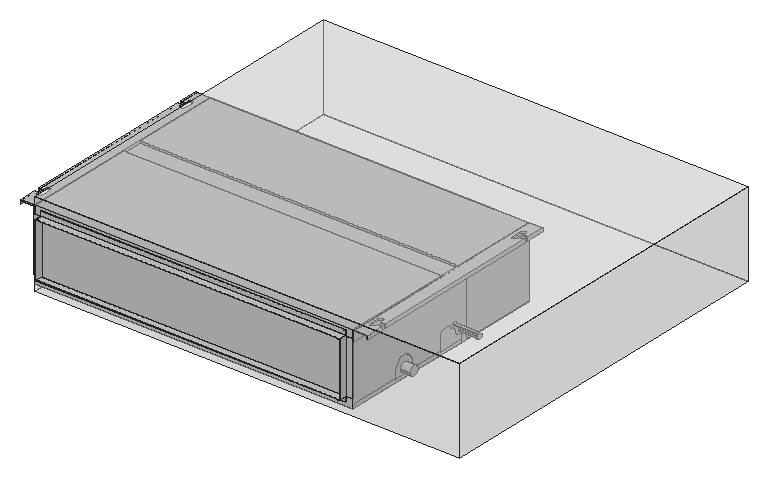
Revit family "outputfile", category 機械設備, Revit 2024
Family settings
  丸型コネクタ寸法 = 半径を使用
  パーツ タイプ = 標準
  OmniClass 番号 = 23.75.10.24.21.27.27
  OmniClass タイトル = Split System Air Conditioning Units
  作業面ベース = いいえ
  常に垂直 = はい
  ロード時にボイドで切り取り = いいえ
  注釈の向きを維持 = いいえ
  共有 = いいえ
  部屋計算ポイント = はい
Parameters (values of type "FDLF50DV1")
  Description = ""
  書き出し IFC クラス(タイプ) = "IfcUnitaryEquipmentType"
  定義済み IFC タイプ(タイプ) = "AIRCONDITIONINGUNIT"
  Cost = 0
  Type Comments = ""
  Keynote = ""
  Type Image = (empty or 0)
  Assembly Code = ""
  switch_frequency = yes
  ld_powersupply = Depth / 2  # 310 mm
  connector_voltage = Voltage_50Hz  # 230 V
  connector_powerinput = [Power Input (Cooling)]  # 0.000 kW
  connector_phase = Phase_50Hz  # 1
  angle_liquidpipe [instance] = if(Right Connection_refrigerant, 90.00°, 270.00°)  # 90.00°
  angle_gaspipe [instance] = if(Right Connection_refrigerant, 90.00°, 270.00°)  # 90.00°
  angle_drainpipe [instance] = if(Right Connection_refrigerant, 90.00°, 270.00°)  # 90.00°
  URL = ""
  Right Connection_refrigerant [instance] = yes
  製造元 = "Daikin"
  モデル = "FDLF50DV1"
  r_Liquid Pipe Size = Liquid Pipe Size / 2  # 3.2 mm
  r_Gas Pipe Size = Gas Pipe Size / 2  # 6.35 mm
  r_Drain Pipe Size = Drain Pipe Size / 2  # 12.5 mm
  lw_powersupply = 50 mm  # constant formula
  lw_ductflange2 = 803 mm
  lw_Width = 860 mm
  lh_suctionflange [instance] = 100 mm  # constant formula
  ld_suctionflange [instance] = if(Rear Connection_Return Air, 190.25 mm, 100.25 mm)  # 190.25 mm
  angle_vertical_RA [instance] = if(Rear Connection_Return Air, 90.00°, 0.00°)  # 90.00°
  angle horizontal_RA [instance] = if(Rear Connection_Return Air, 180.00°, 270.00°)  # 180.00°
  Voltage_comment_50Hz = "220 - 240"
  Voltage_50Hz = 230 V
  Supply Air Direction [instance] = yes
  Sound Power Level_H speed (dB) = 0
  Rear Connection_Return Air [instance] = not(Bottom Connection_Return Air)  # yes
  RA_length [instance] = if(Rear Connection_Return Air, 190.25 mm, 100 mm)  # 190.25 mm
  Phase_50Hz = 1
  Minimum External Static Pressure = 15.00 Pa
  Minimum Circuit Amps_50Hz = 0.0 A
  Maximum Fuse Amps_50Hz = 0.0 A
  Maximum External Static Pressure = 38.00 Pa
  Material_Casing = DAIKIN_GalvanizedSteel_Casing_indoorunit
  lw_liquidpipe = 521 mm
  lw_gaspipe = 508 mm
  lw_mountinghole = 940 mm
  lw_drainpipe = 480 mm
  lh_powersupply = 150 mm  # constant formula
  lh_liquidpipe = 138 mm  # constant formula
  lh_gaspipe = 160 mm  # constant formula
  lh_mountinghole = Height  # 200 mm
  lh_drainpipe = 170 mm  # constant formula
  lh_antena = 1 mm  # constant formula
  ld_liquidpipe = 353 mm  # constant formula
  ld_gaspipe = 375 mm  # constant formula
  ld_mountinghole = 500 mm  # constant formula
  ld_drainpipe = 178 mm  # constant formula
  ld_controlbox = 626 mm  # constant formula
  h*** = 0 mm  # constant formula
  d_dischargeflange = 21.2 mm  # constant formula
  Width = 900 mm
  Version = "ver.1.0"
  Unit Type = "L.S.P. Duct for Living Room"
  Unit Mass Weight = 28.00 kg
  Unit Designation [instance] = ""
  Uniclass2015Version = "Products v1.30"
  Uniclass2015Title = "Split coil room air conditioning units"
  Uniclass2015Code = "Pr_70_65_03_86"
  Total Cooling Capacity [instance] = 0.000 kW
  Sound Pressure Level_M speed (dBA) = 33
  Sound Pressure Level_L speed (dBA) = 30
  Sound Pressure Level_H speed (dBA) = 37
  Series = "SkyAir_Fan Coil Unit"
  Sensible Cooling Capacity [instance] = 0.000 kW
  SA Duct Size Width = 860 mm
  SA Duct Size Height = 153 mm
  Refrigerant Type = "R32"
  RA Duct Size Width = 761 mm
  RA Duct Size Height = 160 mm
  Power Input (Cooling) = 0.000 kW
  Option Accessory 3 [instance] = ""
  Option Accessory 2 [instance] = ""
  Option Accessory 1 [instance] = ""
  Nominal Cooling Capacity = 5.000 kW
  Minimum Airflow = 720.00 m³/h
  Median Airflow = 840.00 m³/h
  Maximum Airflow = 960.00 m³/h
  Load Classification = HVAC
  Liquid Pipe Size = 6.4 mm
  Link_Nested Family [instance] = ""
  Left Connection_refrigerant [instance] = not(Right Connection_refrigerant)  # no
  IfcVersion = ""
  IfcExportType = "AIRCONDITIONINGUNIT"
  IfcExportAs = "IfcUnitaryEquipmentType"
  Height = 200 mm
  Heat Exchanger Type = "Cross Fin Coil"
  Gas Pipe Size = 12.7 mm
  Frequency_50Hz = 50 Hz
  Fan Type = "Sirocco Fan"
  Fan Drive = "Direct Drive"
  FCU Tag No. [instance] = ""
  Drain Pipe Size = 25.0 mm
  Design Supply Airflow [instance] = 0.00 m³/h
  Design Return Airflow [instance] = 0.00 m³/h
  Design External Static Pressure [instance] = 0.00 Pa
  Depth = 620 mm
  既定の高さ = 0 mm
  Cooling Entering Wet Bulb Temperature [instance] = 0.00 °C
  Cooling Entering Dry Bulb Temperature [instance] = 0.00 °C
  Cooling Ambient Wet Bulb Temperature [instance] = 0.00 °C
  Cooling Ambient Dry Bulb Temperature [instance] = 0.00 °C
  Clearance visibility [instance] = yes
  Clearance Top = 20 mm
  Clearance Right = 300 mm
  Clearance Rear = 400 mm
  Clearance Left = 0 mm
  Clearance Front = 0 mm
  Clearance Bottom = 20 mm
  Bottom Connection_Return Air [instance] = no
Reference planes
  plane 1 "Center (Front/Back)": y = 0
  plane 2: z = 0
  plane 3 "Center (Left/Right)": x = 0
  plane 4 "Back": y = 310
  plane 5 "Front": y = -310
  plane 6 "Left": x = -450
  plane 7 "Right": x = 450
  plane 8 "Top": z = 0
  plane 9 "Bottom": z = -200
  plane 10: x = -470
  plane 11: x = 470
  plane 12: y = 250
  plane 13: z = 0
  plane 14 "Clearance Left": x = -450
  plane 15 "Clearance Right": x = 750
  plane 16 "Clearance Rear": y = 710
  plane 17 "Clearance Front": y = -310
  plane 18 "Clearance Top": z = 20
  plane 19 "Clearance Bottom": z = -220
  plane 20: y = -250
  plane 21: z = -21
  plane 22: z = -97.5
  plane 23: x = -48.5
  plane 24: y = 119.75
  plane 25: z = -100
  plane 26: y = 65
  plane 27: z = -160
  plane 28: y = 43
  plane 29: z = -138
  plane 30: y = -132
  plane 31: z = -170
  plane 32: x = 508
  plane 33: x = 521
  plane 34: x = 480
  plane 35: x = 400
  plane 36: z = -150
  plane 37: x = -480
  plane 38: x = -521
  plane 39: x = -508
Forms (mm)
  Extrusion 1, solid, material "DAIKIN_GalvanizedSteel_Casing_indoorunit" <- "Material_Casing"
    sketch origin (0, 0, 0) x (1, 0, 0) y (0, 1, 0)
      loop
        line (-450, -310) -> (450, -310) -> (450, 310) -> (-450, 310) -> (-450, -310)
    from -200 to 0
  Extrusion 2, void
    sketch origin (0, 0, 1) x (1, 0, 0) y (0, 1, 0)
      loop
        line (-450, 61.5) -> (-450, 3.5) -> (450, 3.5) -> (450, 61.5) -> (-450, 61.5)
    from -1 to -7
  Extrusion 3, solid, material "DAIKIN_GalvanizedSteel_Casing_indoorunit" <- "Material_Casing", visible <- "Bottom Connection_Return Air"
    sketch origin (0, 0, 0) x (1, 0, 0) y (0, 0, 1)
      loop
        line (352, -199.25) -> (352, -0.75) -> (-449, -0.75) -> (-449, -199.25) -> (352, -199.25)
    from -310 to -309
  Extrusion 4, solid, material "DAIKIN_GalvanizedSteel_Casing_indoorunit" <- "Material_Casing", visible <- "Rear Connection_Return Air"
    sketch origin (0, 0, 0) x (1, 0, 0) y (0, 1, 0)
      loop
        line (-449, 309) -> (-449, 110.5) -> (352, 110.5) -> (352, 309) -> (-449, 309)
    from -200 to -199
  Extrusion 5, solid, material "DAIKIN_GalvanizedSteel_Casing_indoorunit" <- "Material_Casing", visible <- "Right Connection_refrigerant"
    sketch origin (450, 0, 0) x (0, 1, 0) y (0, 0, 1)
      loop
        circle (65, -160) r 6.35
    from 0 to 58
  Extrusion 6, solid, material "DAIKIN_GalvanizedSteel_Casing_indoorunit" <- "Material_Casing", visible <- "Right Connection_refrigerant"
    sketch origin (450, 0, 0) x (0, 1, 0) y (0, 0, 1)
      loop
        circle (43, -138) r 3.2
    from 0 to 71
  Extrusion 7, solid, material "DAIKIN_GalvanizedSteel_Casing_indoorunit" <- "Material_Casing", visible <- "Right Connection_refrigerant"
    sketch origin (450, 0, 0) x (0, 1, 0) y (0, 0, 1)
      loop
        line (-310, -200) -> (70, -200) -> (70, -190) -> (-310, -190) -> (-310, -200)
    from 0 to -1
  Extrusion 8, solid, material "DAIKIN_GalvanizedSteel_Casing_indoorunit" <- "Material_Casing", visible <- "Right Connection_refrigerant"
    sketch origin (450, 0, 0) x (0, 1, 0) y (0, 0, 1)
      loop
        arc (96, -27.5) -> (93.879, -28.379) -> (93, -30.5) r 3
        line (93, -30.5) -> (93, -194.5)
        arc (93, -194.5) -> (93.879, -196.621) -> (96, -197.5) r 3
        line (96, -197.5) -> (310, -197.5) -> (310, -27.5) -> (96, -27.5)
    from 0 to -1
  Extrusion 9, solid, material "DAIKIN_GalvanizedSteel_Casing_indoorunit" <- "Material_Casing", visible <- "Right Connection_refrigerant"
    sketch origin (450, 0, 0) x (0, 1, 0) y (0, 0, 1)
      loop
        arc (-104, -170) -> (-132, -142) -> (-160, -170) r 28
        line (-160, -170) -> (-160, -190) -> (-104, -190) -> (-104, -170)
    from 0 to -1
  Extrusion 10, solid, material "DAIKIN_GalvanizedSteel_Casing_indoorunit" <- "Material_Casing", visible <- "Right Connection_refrigerant"
    sketch origin (450, 0, 0) x (0, 1, 0) y (0, 0, 1)
      loop
        line (70, -190) -> (70, -174.671)
        arc (70, -174.671) -> (54.678, -171.563) -> (49.857, -156.691) r 15.5
        line (49.857, -156.691) -> (43.472, -150.991)
        arc (43.472, -150.991) -> (34.343, -147.698) -> (30.039, -139) r 13
        line (30.039, -139) -> (2, -139)
        arc (2, -139) -> (-0.121, -139.879) -> (-1, -142) r 3
        line (-1, -142) -> (-1, -190) -> (70, -190)
    from 0 to -1
  Extrusion 11, solid, material "DAIKIN_GalvanizedSteel_Casing_indoorunit" <- "Material_Casing", visible <- "Left Connection_refrigerant"
    sketch origin (-450, 0, 0) x (0, 1, 0) y (0, 0, 1)
      loop
        line (-310, -200) -> (70, -200) -> (70, -190) -> (-310, -190) -> (-310, -200)
    from 0 to -1
  Extrusion 12, solid, material "DAIKIN_GalvanizedSteel_Casing_indoorunit" <- "Material_Casing", visible <- "Left Connection_refrigerant"
    sketch origin (-450, 0, 0) x (0, 1, 0) y (0, 0, 1)
      loop
        arc (96, -27.5) -> (93.879, -28.379) -> (93, -30.5) r 3
        line (93, -30.5) -> (93, -194.5)
        arc (93, -194.5) -> (93.879, -196.621) -> (96, -197.5) r 3
        line (96, -197.5) -> (310, -197.5) -> (310, -27.5) -> (96, -27.5)
    from 0 to -1
  Extrusion 13, solid, material "DAIKIN_GalvanizedSteel_Casing_indoorunit" <- "Material_Casing", visible <- "Left Connection_refrigerant"
    sketch origin (-450, 0, 0) x (0, 1, 0) y (0, 0, 1)
      loop
        arc (-104, -170) -> (-132, -142) -> (-160, -170) r 28
        line (-160, -170) -> (-160, -190) -> (-104, -190) -> (-104, -170)
    from 0 to -1
  Extrusion 14, solid, material "DAIKIN_GalvanizedSteel_Casing_indoorunit" <- "Material_Casing", visible <- "Left Connection_refrigerant"
    sketch origin (-450, 0, 0) x (0, 1, 0) y (0, 0, 1)
      loop
        line (70, -190) -> (70, -174.671)
        arc (70, -174.671) -> (54.678, -171.563) -> (49.857, -156.691) r 15.5
        line (49.857, -156.691) -> (43.472, -150.991)
        arc (43.472, -150.991) -> (34.343, -147.698) -> (30.039, -139) r 13
        line (30.039, -139) -> (2, -139)
        arc (2, -139) -> (-0.121, -139.879) -> (-1, -142) r 3
        line (-1, -142) -> (-1, -190) -> (70, -190)
    from 0 to -1
  Extrusion 15, solid, material "DAIKIN_GalvanizedSteel_Casing_indoorunit" <- "Material_Casing", visible <- "Left Connection_refrigerant"
    sketch origin (-450, 0, 0) x (0, 1, 0) y (0, 0, 1)
      loop
        circle (43, -138) r 3.2
    from -71 to 0
  Extrusion 16, solid, material "DAIKIN_GalvanizedSteel_Casing_indoorunit" <- "Material_Casing", visible <- "Left Connection_refrigerant"
    sketch origin (-450, 0, 0) x (0, 1, 0) y (0, 0, 1)
      loop
        circle (65, -160) r 6.35
    from -58 to 0
  Extrusion 17, solid, material "DAIKIN_GalvanizedSteel_Casing_indoorunit" <- "Material_Casing", visible <- "Left Connection_refrigerant"
    sketch origin (-450, 0, 0) x (0, 1, 0) y (0, 0, 1)
      loop
        circle (-132, -170) r 12.5
    from -30 to 0
  Extrusion 18, solid, material "DAIKIN_GalvanizedSteel_Casing_indoorunit" <- "Material_Casing", visible <- "Right Connection_refrigerant"
    sketch origin (450, 0, 0) x (0, 1, 0) y (0, 0, 1)
      loop
        circle (-132, -170) r 12.5
    from 0 to 30
Cuts and joins
  Extrusion 2 cuts Extrusion 1
Dimensions and locks
  "Height": plane 8 "Top" to plane 9 "Bottom"
  equal spacing: plane 10, plane 3 "Center (Left/Right)", plane 11
  "lw_mountinghole": plane 10 to plane 11
  equal spacing: plane 6 "Left", plane 3 "Center (Left/Right)", plane 7 "Right"
  "Width": plane 6 "Left" to plane 7 "Right"
  "Clearance Right": plane 7 "Right" to plane 15 "Clearance Right"
  "Clearance Left": plane 14 "Clearance Left" to plane 6 "Left"
  "Clearance Rear": plane 16 "Clearance Rear" to plane 4 "Back"
  "Clearance Front": plane 5 "Front" to plane 17 "Clearance Front"
  "Clearance Top": plane 18 "Clearance Top" to plane 8 "Top"
  "Clearance Bottom": plane 9 "Bottom" to plane 19 "Clearance Bottom"
  "Depth": plane 4 "Back" to plane 5 "Front"
  equal spacing: plane 4 "Back", plane 1 "Center (Front/Back)", plane 5 "Front"
  Extrusion 3 sketch curve to Extrusion 3 sketch curve = 198.5 mm
  locked: plane 20 to plane 5 "Front" at 60
  "ld_mountinghole": plane 12 to plane 20
  locked: plane 8 "Top" to plane 21 at 21
  locked: plane 23 to plane 3 "Center (Left/Right)" at 48.5
  "ld_suctionflange": plane 4 "Back" to plane 24
  "lh_suctionflange": plane 8 "Top" to plane 25
  "ld_gaspipe": plane 26 to plane 5 "Front"
  "lh_gaspipe": plane 8 "Top" to plane 27
  "ld_liquidpipe": plane 28 to plane 5 "Front"
  "lh_liquidpipe": plane 8 "Top" to plane 29
  "ld_drainpipe": plane 30 to plane 5 "Front"
  "lh_drainpipe": plane 8 "Top" to plane 31
  "lw_powersupply": plane 35 to plane 7 "Right"
  "lh_powersupply": plane 8 "Top" to plane 36
  "lw_gaspipe": plane 3 "Center (Left/Right)" to plane 32
  "lw_liquidpipe": plane 3 "Center (Left/Right)" to plane 33
  "lw_drainpipe": plane 3 "Center (Left/Right)" to plane 34
  "lw_liquidpipe": plane 38 to plane 3 "Center (Left/Right)"
  "lw_gaspipe": plane 39 to plane 3 "Center (Left/Right)"
  "lw_drainpipe": plane 37 to plane 3 "Center (Left/Right)"
  "r_Gas Pipe Size": radius of Extrusion 5 sketch curve
  "r_Liquid Pipe Size": radius of Extrusion 6 sketch curve
  "r_Liquid Pipe Size": radius of Extrusion 15 sketch curve
  "r_Gas Pipe Size": radius of Extrusion 16 sketch curve
  "r_Drain Pipe Size": radius of Extrusion 17 sketch curve
  "r_Drain Pipe Size": radius of Extrusion 18 sketch curve
  aligned and locked: level to plane 2
  aligned and locked: Extrusion 1 to plane 9 "Bottom"
  aligned and locked: plane 8 "Top" to Extrusion 1
  aligned and locked: plane 11 to nested 2
  aligned and locked: plane 10 to nested 3
  aligned and locked: plane 10 to nested 4
  aligned and locked: plane 8 "Top" to Extrusion 2
  aligned and locked: plane 9 "Bottom" to Extrusion 4  (x2)
  aligned and locked: plane 7 "Right" to cut or joined group of Extrusion 1, Extrusion 2  (x2)
  aligned and locked: plane 3 "Center (Left/Right)" to nested 9
  aligned and locked: plane 6 "Left" to nested 7
  aligned and locked: plane 8 "Top" to nested 9
  aligned and locked: plane 11 to nested 1
  aligned and locked: nested 6 to plane 1 "Center (Front/Back)"
  aligned and locked: plane 3 "Center (Left/Right)" to nested 6
  aligned and locked: level to plane 8 "Top"
  aligned and locked: plane 1 "Center (Front/Back)" to nested 9
  aligned and locked: plane 5 "Front" to nested 10
  aligned and locked: Extrusion 1 sketch curve to plane 5 "Front"
  aligned and locked: plane 21 to nested 10
  aligned and locked: nested 5 to plane 5 "Front"
  aligned and locked: plane 3 "Center (Left/Right)" to nested 5
  aligned and locked: plane 22 to nested 5
  aligned and locked: Extrusion 2 sketch curve to plane 6 "Left"
  aligned and locked: plane 7 "Right" to Extrusion 2 sketch curve
  aligned and locked: nested 11 to plane 23
  aligned and locked: nested 11 to plane 24
  aligned and locked: plane 27 to Extrusion 5 sketch curve
  aligned and locked: plane 26 to Extrusion 5 sketch curve
  aligned and locked: plane 28 to Extrusion 6 sketch curve
  aligned and locked: plane 29 to Extrusion 6 sketch curve
  aligned and locked: plane 32 to Extrusion 5
  aligned and locked: plane 33 to Extrusion 6
  aligned and locked: Extrusion 7 sketch curve to plane 9 "Bottom"
  aligned and locked: Extrusion 7 sketch curve to plane 5 "Front"
  aligned and locked: plane 14 "Clearance Left" to nested 12
  aligned and locked: plane 15 "Clearance Right" to nested 12
  aligned and locked: plane 16 "Clearance Rear" to nested 12
  aligned and locked: nested 12 to plane 17 "Clearance Front"
  aligned and locked: nested 12 to plane 18 "Clearance Top"
  aligned and locked: nested 12 to plane 19 "Clearance Bottom"
  aligned and locked: nested 13 to plane 35
  aligned and locked: nested 13 to plane 36
  aligned and locked: plane 4 "Back" to nested 13
  aligned and locked: nested 14 to plane 26
  aligned and locked: plane 3 "Center (Left/Right)" to nested 14
  aligned and locked: nested 14 to plane 27
  aligned and locked: nested 15 to plane 28
  aligned and locked: plane 3 "Center (Left/Right)" to nested 15
  aligned and locked: nested 15 to plane 29
  aligned and locked: nested 16 to plane 30
  aligned and locked: plane 3 "Center (Left/Right)" to nested 16
  aligned and locked: nested 16 to plane 31
  aligned and locked: plane 29 to Extrusion 15 sketch curve
  aligned and locked: plane 28 to Extrusion 15 sketch curve
  aligned and locked: Extrusion 15 to plane 38
  aligned and locked: plane 6 "Left" to Extrusion 15
  aligned and locked: plane 26 to Extrusion 16 sketch curve
  aligned and locked: plane 27 to Extrusion 16 sketch curve
  aligned and locked: Extrusion 16 to plane 39
  aligned and locked: plane 6 "Left" to Extrusion 16
  aligned and locked: plane 30 to Extrusion 17 sketch curve
  aligned and locked: Extrusion 17 to plane 37
  aligned and locked: plane 6 "Left" to Extrusion 17
  aligned and locked: Extrusion 5 to plane 7 "Right"
  aligned and locked: Extrusion 6 to plane 7 "Right"
  aligned and locked: plane 30 to Extrusion 18 sketch curve
  aligned and locked: plane 31 to Extrusion 18 sketch curve
  aligned and locked: plane 34 to Extrusion 18
  aligned and locked: Extrusion 18 to plane 7 "Right"
Automatic sketch dimensions
  Extrusion 1 sketch curve to plane 4 "Back" = 0 mm
  Extrusion 1 sketch curve to plane 6 "Left" = 0 mm
  Extrusion 1 sketch curve to plane 7 "Right" = 0 mm
  Extrusion 2 sketch curve to plane 1 "Center (Front/Back)" = 3.5 mm
  Extrusion 2 sketch curve to plane 26 = 3.5 mm
  plane 9 "Bottom" to Extrusion 3 sketch curve = 0.75 mm
  plane 6 "Left" to Extrusion 3 sketch curve = 1 mm
  Extrusion 3 sketch curve to plane 35 = 48 mm
  Extrusion 4 sketch curve to plane 4 "Back" = 1 mm
  plane 6 "Left" to Extrusion 4 sketch curve = 1 mm
  Extrusion 4 sketch curve to plane 35 = 48 mm
  Extrusion 4 sketch curve to plane 24 = 9.25 mm
  plane 26 to Extrusion 7 sketch curve = 5 mm
  Extrusion 7 sketch curve to Extrusion 7 sketch curve = 10 mm
  Extrusion 8 sketch curve to plane 21 = 9.5 mm
  Extrusion 8 sketch curve to plane 24 = 23.75 mm  (x2)
  plane 9 "Bottom" to Extrusion 8 sketch curve = 5.5 mm
  Extrusion 8 sketch curve to Extrusion 8 sketch curve = 3 mm
  Extrusion 9 sketch curve to plane 31 = 0 mm
  Extrusion 9 sketch curve to plane 30 = 0 mm
  plane 9 "Bottom" to Extrusion 9 sketch curve = 10 mm
  Extrusion 9 sketch curve to plane 30 = 28 mm
  Extrusion 10 sketch curve to plane 28 = 0 mm
  Extrusion 10 sketch curve to plane 26 = 0 mm
  Extrusion 10 sketch curve to plane 27 = 0 mm
  Extrusion 10 sketch curve to plane 29 = 0 mm
  Extrusion 10 sketch curve to plane 29 = 1 mm
  Extrusion 10 sketch curve to plane 28 = 12.961 mm
  Extrusion 10 sketch curve to plane 1 "Center (Front/Back)" = 2 mm
  plane 1 "Center (Front/Back)" to Extrusion 10 sketch curve = 1 mm
  plane 28 to Extrusion 10 sketch curve = 0.472 mm
  plane 27 to Extrusion 10 sketch curve = 3.309 mm
  plane 28 to Extrusion 10 sketch curve = 6.857 mm
  plane 26 to Extrusion 10 sketch curve = 5 mm
  plane 9 "Bottom" to Extrusion 10 sketch curve = 10 mm
  Extrusion 8 sketch curve to plane 4 "Back" = 0 mm
  Extrusion 17 sketch curve to plane 31 = 0 mm
  Extrusion 12 sketch curve to plane 4 "Back" = 0 mm
  plane 9 "Bottom" to Extrusion 12 sketch curve = 5.5 mm
  Extrusion 12 sketch curve to plane 24 = 23.75 mm  (x2)
  Extrusion 12 sketch curve to plane 21 = 6.5 mm
  Extrusion 12 sketch curve to Extrusion 12 sketch curve = 3 mm
  Extrusion 14 sketch curve to plane 28 = 0 mm
  Extrusion 14 sketch curve to plane 26 = 0 mm
  Extrusion 14 sketch curve to plane 27 = 0 mm
  Extrusion 14 sketch curve to plane 29 = 0 mm
  Extrusion 14 sketch curve to plane 29 = 1 mm
  Extrusion 14 sketch curve to plane 28 = 12.961 mm
  Extrusion 14 sketch curve to plane 1 "Center (Front/Back)" = 2 mm
  plane 1 "Center (Front/Back)" to Extrusion 14 sketch curve = 1 mm
  plane 28 to Extrusion 14 sketch curve = 0.472 mm
  plane 27 to Extrusion 14 sketch curve = 3.309 mm
  plane 28 to Extrusion 14 sketch curve = 6.857 mm
  plane 26 to Extrusion 14 sketch curve = 5 mm
  plane 9 "Bottom" to Extrusion 14 sketch curve = 10 mm
  Extrusion 11 sketch curve to plane 5 "Front" = 0 mm
  Extrusion 11 sketch curve to plane 9 "Bottom" = 0 mm
  plane 26 to Extrusion 11 sketch curve = 5 mm
  Extrusion 11 sketch curve to Extrusion 11 sketch curve = 10 mm
  Extrusion 13 sketch curve to plane 31 = 0 mm
  Extrusion 13 sketch curve to plane 30 = 0 mm
  plane 9 "Bottom" to Extrusion 13 sketch curve = 10 mm
  Extrusion 13 sketch curve to plane 30 = 28 mm
Nested families
  nested 1: "daikin_mountinghole" at (470, 250, -200), l_antenna <- "lh_antena", Link_Nested Family <- "Link_Nested Family", h_mountinghole <- "lh_mountinghole", type "daikin_mountinghole"
    with show yes, l_antenna 1 mm, h_mountinghole 200 mm, Link_Nested Family ""
  nested 2: "daikin_mountinghole" at (470, -250, -200), Link_Nested Family <- "Link_Nested Family", l_antenna <- "lh_antena", h_mountinghole <- "lh_mountinghole", type "daikin_mountinghole"
    with show yes, l_antenna 1 mm, h_mountinghole 200 mm, Link_Nested Family ""
  nested 3: "daikin_mountinghole" at (-470, -250, -200), l_antenna <- "lh_antena", Link_Nested Family <- "Link_Nested Family", h_mountinghole <- "lh_mountinghole", type "daikin_mountinghole"
    with show yes, l_antenna 1 mm, h_mountinghole 200 mm, Link_Nested Family ""
  nested 4: "daikin_mountinghole" at (-470, 250, -200), l_antenna <- "lh_antena", Link_Nested Family <- "Link_Nested Family", h_mountinghole <- "lh_mountinghole", type "daikin_mountinghole"
    with show yes, l_antenna 1 mm, h_mountinghole 200 mm, Link_Nested Family ""
  nested 5: "daikin_connector_rotate2" at (0, -310, -97.5), length <- "d_dischargeflange", type "daikin_connector_rotate2"
    with radius 10 mm, length 21.2 mm, angle_vertical 90.00°, show_face no
  nested 6: "daikin_△_symbolicline" at (-75, -129.904, 200) x (-0.5, 0.866, 0) z (0, 0, 1), built-in parameter 1001364 <- "Height", visible <- "Supply Air Direction", type "daikin_△_symbolicline"
    with length 300 mm
  nested 7: "daikin_ductflange_FDLF-DV1_1" at (-48.5, 310, -100), visible <- "Rear Connection_Return Air", material <- "Material_Casing", width <- "lw_ductflange2", type "daikin_ductflange_FDLF-DV1_1"
    with width 803 mm, material DAIKIN_GalvanizedSteel_Casing_indoorunit, height 180 mm, depth 21.2 mm
  nested 8: "daikin_ductflange_FDLF-DV1_1" at (-48.5, 209.75, -200) x (1, 0, 0) z (0, 1, 0), visible <- "Bottom Connection_Return Air", material <- "Material_Casing", width <- "lw_ductflange2", type "daikin_ductflange_FDLF-DV1_1"
    with width 803 mm, material DAIKIN_GalvanizedSteel_Casing_indoorunit, height 180 mm, depth 21.2 mm
  nested 9: "daikin_hangerfixture_FDLF-DV1" at (0, 0, 0), type "daikin_hangerfixture_FDLF-DV1"
  nested 10: "daikin_ductflange_FDLF-DV1" at (0, 3.5, -364.201), width <- "lw_Width", material <- "Material_Casing", type "daikin_ductflange_FDLF-DV1"
    with width 860 mm, material DAIKIN_GalvanizedSteel_Casing_indoorunit, height 155 mm, depth 21.2 mm
  nested 11: "daikin_connector_rotate3" at (-48.5, 119.75, -100), length <- "RA_length", angle_vertical <- "angle_vertical_RA", angle_horizontal <- "angle horizontal_RA", type "daikin_connector_rotate3"
    with show no, radius 10 mm, length 190.25 mm, angle_vertical 90.00°, angle_horizontal 180.00°
  nested 12: "daikin_clearancespace" at (150, 200, -99.881), visible <- "Clearance visibility", Link_Nested Family <- "Link_Nested Family", show <- "Clearance visibility", type "daikin_clearancespace"
    with width 1200 mm, show yes, height 240 mm, depth 1020 mm, Link_Nested Family ""
  nested 13: "daikin_connector_rotate2" at (400, 0, -150) x (-1, 0, 0) z (0, 0, 1), length <- "ld_powersupply", type "daikin_connector_rotate2"
    with radius 10 mm, length 310 mm, angle_vertical 90.00°, show_face no
  nested 14: "daikin_connector_rotate3" at (0, 65, -160), angle_vertical <- "angle_gaspipe", radius <- "r_Gas Pipe Size", length <- "lw_gaspipe", type "daikin_connector_rotate3"
    with show no, radius 6.35 mm, length 508 mm, angle_vertical 90.00°, angle_horizontal 90.00°
  nested 15: "daikin_connector_rotate3" at (0, 43, -138), angle_vertical <- "angle_liquidpipe", length <- "lw_liquidpipe", radius <- "r_Liquid Pipe Size", type "daikin_connector_rotate3"
    with show no, radius 3.2 mm, length 521 mm, angle_vertical 90.00°, angle_horizontal 90.00°
  nested 16: "daikin_connector_rotate3" at (0, -132, -170), angle_vertical <- "angle_drainpipe", length <- "lw_drainpipe", radius <- "r_Drain Pipe Size", type "daikin_connector_rotate3"
    with show no, radius 12.5 mm, length 480 mm, angle_vertical 90.00°, angle_horizontal 90.00°
Connectors
  hvac at (0, -331.2, -97.5), driven by "SA Duct Size Height", driven by "SA Duct Size Width"
    settings: on nested 5, index 1, duct flow 0.00 m³/h, flow factor 0, pres drop 0.00 Pa, loss coef 0, conn angle 0.00°, conn width 860.0 mm, conn height 153.0 mm, conn diameter 609.6 mm, duct sys type 1, conn prof type 1, flow config 0, flow direction 2, loss method 4, conn ref index -1, conn util no, is conn primary yes, conn desc "SA Duct"
  hvac at (-48.5, 310, -100), driven by "RA Duct Size Height", driven by "RA Duct Size Width"
    settings: on nested 11, index 2, duct flow 0.00 m³/h, flow factor 0, pres drop 0.00 Pa, loss coef 0, conn angle 0.00°, conn width 761.0 mm, conn height 160.0 mm, conn diameter 609.6 mm, duct sys type 2, conn prof type 1, flow config 0, flow direction 1, loss method 4, conn ref index -1, conn util no, is conn primary no, conn desc "RA Duct"
  electrical at (400, 310, -150), driven by "Load Classification", driven by "connector_phase", driven by "connector_powerinput", driven by "connector_voltage"
    settings: on nested 13, index 6, voltage 230 V, apparent load 0 VA, apparent load phase1 0 VA, apparent load phase2 0 VA, apparent load phase3 0 VA, power factor 1, load classification "HVAC", number of poles 1, system type 30, power factor state 1, is connector primary yes, connector utility no, sub classification motor no, connector description "Power Supply"
  piping at (508, 65, -160), diameter 12.7, driven by "r_Gas Pipe Size"
    settings: on nested 14, index 7, connector inside diameter 609.6 mm, connector length 0 mm, flow factor 0, pipe flow 0.00 m³/h, pressure drop 0.0 Pa, fitting loss kfactor 0, connector angle 0.00°, fixture units 0, engagement length 0 mm, angle of deflection 0.00°, flow configuration 1, flow direction 2, fitting loss method 0, system type 29, joint type 0, gender type 0, connector reference index -1, connector utility 0, adjustable connector no, is connector primary yes, connector description "Refrigerant Gas Piping"
  piping at (521, 43, -138), diameter 6.4, driven by "r_Liquid Pipe Size"
    settings: on nested 15, index 8, connector inside diameter 609.6 mm, connector length 0 mm, flow factor 0, pipe flow 0.00 m³/h, pressure drop 0.0 Pa, fitting loss kfactor 0, connector angle 0.00°, fixture units 0, engagement length 0 mm, angle of deflection 0.00°, flow configuration 1, flow direction 1, fitting loss method 0, system type 29, joint type 0, gender type 0, connector reference index -1, connector utility 0, adjustable connector no, is connector primary no, connector description "Refrigerant Liquid Piping"
  piping at (480, -132, -170), diameter 25, driven by "r_Drain Pipe Size"
    settings: on nested 16, index 9, connector inside diameter 609.6 mm, connector length 0 mm, flow factor 0, pipe flow 0.00 m³/h, pressure drop 0.0 Pa, fitting loss kfactor 0, connector angle 0.00°, fixture units 0, engagement length 0 mm, angle of deflection 0.00°, flow configuration 1, flow direction 2, fitting loss method 4, system type 16, joint type 0, gender type 0, connector reference index -1, connector utility 0, adjustable connector no, is connector primary no, connector description "Condensate Drain Piping"
Definition of nested family "daikin_ductflange_FDLF-DV1_1"
  Parameters (values of type "daikin_ductflange_FDLF-DV1_1")
    width [instance] = 620 mm
    material [instance] = none
    height [instance] = 180 mm
    depth [instance] = 21.2 mm
    Default Elevation = 0 mm
  Reference planes
    plane 1 "Center (Front/Back)": y = 0
    plane 2: z = 0
    plane 3 "Center (Left/Right)": x = 0
    plane 4: x = -310
    plane 5: x = 310
    plane 6: z = 90
    plane 7: z = -90
    plane 8: z = 100.25
    plane 9: z = -100.25
    plane 10: x = -309
    plane 11: x = 309
  Forms (mm)
    Extrusion 1, solid, material <- "material"
      sketch origin (0, 0, 0) x (1, 0, 0) y (0, 0, 1)
        loop
          line (-300.5, 90) -> (-300.5, -90) -> (300.5, -90) -> (300.5, 90) -> (-300.5, 90)
        loop
          line (-309, -99.25) -> (309, -99.25) -> (309, 99.25) -> (-309, 99.25) -> (-309, -99.25)
      from 0 to 1
  Dimensions and locks
    equal spacing: plane 5, plane 3 "Center (Left/Right)", plane 4, locked at 310 each
    "width": plane 5 to plane 4
    equal spacing: plane 6, level, plane 7, locked at 90 each
    "height": plane 6 to plane 7
    equal spacing: plane 8, level, plane 9
    plane 10 to plane 4 = 1 mm
    locked: plane 5 to plane 11 at 1
    locked: Extrusion 1 sketch curve to Extrusion 1 sketch curve at 8.5  (x2)
    plane 8 to Extrusion 1 sketch curve = 1 mm
    locked: Extrusion 1 sketch curve to plane 9 at 1
    locked: plane 8 to plane 9 at 200.5
    aligned and locked: level to plane 2
    aligned and locked: Extrusion 1 sketch curve to plane 6
    aligned and locked: plane 7 to Extrusion 1 sketch curve
  Automatic sketch dimensions
    plane 4 to Extrusion 1 sketch curve = 1 mm
    Extrusion 1 sketch curve to plane 5 = 1 mm
Definition of nested family "daikin_hangerfixture_FDLF-DV1"
  Parameters (values of type "daikin_hangerfixture_FDLF-DV1")
    width = 900 mm
    material = none
    height = 30 mm
    depth = 620 mm
    Default Elevation = 0 mm
  Reference planes
    plane 1 "Center (Front/Back)": y = 0
    plane 2: z = 0
    plane 3 "Center (Left/Right)": x = 0
    plane 4: x = 450
    plane 5: y = 310
    plane 6: y = -310
    plane 7: x = -450
    plane 8: z = -30
  Forms (mm)
    Extrusion 1, solid, material <- "material"
      sketch origin (0, 0, 0) x (1, 0, 0) y (0, 0, 1)
        loop
          line (450, 0) -> (450, -30) -> (452.3, -30) -> (452.3, -2.3) -> (487.7, -2.3) -> (487.7, -10) -> (490, -10) -> (490, 0) -> (450, 0)
      from -310 to 310
    Extrusion 2, void
      sketch origin (0, 0, 0) x (0, 1, 0) y (0, 0, 1)
        loop
          line (310, -30) -> (310, -17.979) -> (87.935, -17.979) -> (75.914, -30) -> (310, -30)
      from -786.78 to 600.701
    Extrusion 3, void
      sketch origin (0, 0, 0) x (1, 0, 0) y (0, 1, 0)
        loop
          line (490, -244.5) -> (477, -244.5) -> (477, -238)
          arc (477, -238) -> (470, -231) -> (463, -238) r 7
          line (463, -238) -> (463, -264)
          arc (463, -264) -> (470, -271) -> (477, -264) r 7
          line (477, -264) -> (477, -257.5) -> (490, -257.5) -> (490, -244.5)
        loop
          line (490, 244.5) -> (490, 257.5) -> (477, 257.5) -> (477, 264)
          arc (477, 264) -> (470, 271) -> (463, 264) r 7
          line (463, 264) -> (463, 238)
          arc (463, 238) -> (470, 231) -> (477, 238) r 7
          line (477, 238) -> (477, 244.5) -> (490, 244.5)
      from -254.96 to 618
    Extrusion 4, solid, material <- "material"
      sketch origin (0, 0, 0) x (-1, 0, 0) y (0, 0, -1)
        loop
          line (450, 0) -> (490, 0) -> (490, 10) -> (487.7, 10) -> (487.7, 2.3) -> (452.3, 2.3) -> (452.3, 30) -> (450, 30) -> (450, 0)
      from -310 to 310
    Extrusion 5, void
      sketch origin (0, 0, 0) x (-1, 0, 0) y (0, -1, 0)
        loop
          line (490, 244.5) -> (490, 257.5) -> (477, 257.5) -> (477, 264)
          arc (477, 264) -> (470, 271) -> (463, 264) r 7
          line (463, 264) -> (463, 238)
          arc (463, 238) -> (470, 231) -> (477, 238) r 7
          line (477, 238) -> (477, 244.5) -> (490, 244.5)
        loop
          line (490, -244.5) -> (477, -244.5) -> (477, -238)
          arc (477, -238) -> (470, -231) -> (463, -238) r 7
          line (463, -238) -> (463, -264)
          arc (463, -264) -> (470, -271) -> (477, -264) r 7
          line (477, -264) -> (477, -257.5) -> (490, -257.5) -> (490, -244.5)
      from -254.96 to 618
  Cuts and joins
    Extrusion 2, Extrusion 3, Extrusion 5 cuts Extrusion 1
    Extrusion 2, Extrusion 5 cuts Extrusion 4
  Dimensions and locks
    equal spacing: plane 5, plane 1 "Center (Front/Back)", plane 6
    "depth": plane 5 to plane 6
    plane 6 to plane 1 "Center (Front/Back)" to plane 5 = 310 mm, 310 mm
    equal spacing: plane 4, plane 3 "Center (Left/Right)", plane 7
    "width": plane 4 to plane 7
    "height": level to plane 8
    aligned and locked: level to plane 2
    aligned and locked: plane 5 to Extrusion 1
    aligned and locked: Extrusion 1 to plane 6
    aligned and locked: Extrusion 1 to plane 4
    aligned and locked: plane 5 to cut or joined group of Extrusion 1, Extrusion 2, Extrusion 3, Extrusion 5
    aligned and locked: cut or joined group of Extrusion 1, Extrusion 2, Extrusion 3, Extrusion 5 to plane 6
    aligned and locked: level to cut or joined group of Extrusion 1, Extrusion 2, Extrusion 3, Extrusion 5
    aligned and locked: cut or joined group of Extrusion 1, Extrusion 2, Extrusion 3, Extrusion 5 to plane 8
    aligned and locked: plane 5 to cut or joined group of Extrusion 2, Extrusion 4, Extrusion 5
    aligned and locked: cut or joined group of Extrusion 2, Extrusion 4, Extrusion 5 to plane 6
  Automatic sketch dimensions
    Extrusion 1 sketch curve to plane 4 = 0 mm
    Extrusion 1 sketch curve to plane 8 = 0 mm
    Extrusion 1 sketch curve to level = 0 mm
    plane 4 to Extrusion 1 sketch curve = 2.3 mm
    Extrusion 1 sketch curve to level = 2.3 mm
    Extrusion 1 sketch curve to Extrusion 1 sketch curve = 35.4 mm
    Extrusion 1 sketch curve to Extrusion 1 sketch curve = 2.3 mm
    Extrusion 1 sketch curve to Extrusion 1 sketch curve = 7.7 mm
    Extrusion 2 sketch curve to plane 8 = 0 mm
    Extrusion 2 sketch curve to plane 5 = 0 mm
    plane 8 to Extrusion 2 sketch curve = 12.021 mm
    Extrusion 2 sketch curve to plane 1 "Center (Front/Back)" = 87.935 mm
    Extrusion 2 sketch curve to Extrusion 2 sketch curve = 12.021 mm
    plane 4 to Extrusion 3 sketch curve = 13 mm  (x2)
    Extrusion 3 sketch curve to Extrusion 3 sketch curve = 7 mm  (x4)
    Extrusion 3 sketch curve to Extrusion 3 sketch curve = 13 mm  (x4)
    plane 6 to Extrusion 3 sketch curve = 46 mm
    Extrusion 3 sketch curve to Extrusion 3 sketch curve = 6.5 mm  (x4)
    Extrusion 3 sketch curve to plane 5 = 72 mm
    Extrusion 4 sketch curve to plane 7 = 0 mm
    Extrusion 4 sketch curve to plane 8 = 0 mm
    Extrusion 4 sketch curve to level = 0 mm
    Extrusion 4 sketch curve to plane 7 = 2.3 mm
    Extrusion 4 sketch curve to level = 2.3 mm
    Extrusion 4 sketch curve to Extrusion 4 sketch curve = 35.4 mm
    Extrusion 4 sketch curve to Extrusion 4 sketch curve = 2.3 mm
    Extrusion 4 sketch curve to Extrusion 4 sketch curve = 7.7 mm
    Extrusion 5 sketch curve to plane 7 = 13 mm  (x2)
    Extrusion 5 sketch curve to Extrusion 5 sketch curve = 7 mm  (x4)
    Extrusion 5 sketch curve to Extrusion 5 sketch curve = 13 mm  (x4)
    Extrusion 5 sketch curve to plane 5 = 46 mm
    Extrusion 5 sketch curve to Extrusion 5 sketch curve = 6.5 mm  (x4)
    plane 6 to Extrusion 5 sketch curve = 72 mm
Definition of nested family "daikin_ductflange_FDLF-DV1"
  Parameters (values of type "daikin_ductflange_FXDQ-NDVET")
    width [instance] = 660 mm
    material [instance] = none
    height [instance] = 155 mm
    depth [instance] = 21.2 mm
    Default Elevation = 0 mm
  Reference planes
    plane 1 "Center (Front/Back)": y = 0
    plane 2: z = 189.201
    plane 3 "Center (Left/Right)": x = 0
    plane 4: y = -313.5
    plane 5: x = -330
    plane 6: x = 330
    plane 7: y = -334.7
    plane 8: z = 344.201
    plane 9: z = 266.701
    plane 10: z = 343.201
    plane 11: z = 190.201
  Forms (mm)
    Extrusion 1, solid, material <- "material"
      sketch origin (0, 0, 189.201) x (1, 0, 0) y (0, 1, 0)
        loop
          line (-330, -334.7) -> (-330, -313.5) -> (-350, -313.5) -> (-350, -314.5) -> (-331, -314.5) -> (-331, -334.7) -> (-330, -334.7)
        loop
          line (330, -334.7) -> (331, -334.7) -> (331, -314.5) -> (350, -314.5) -> (350, -313.5) -> (330, -313.5) -> (330, -334.7)
      from 1 to 154
    Extrusion 2, solid, material <- "material"
      sketch origin (0, 0, 0) x (0, 1, 0) y (0, 0, 1)
        loop
          line (-313.5, 343.201) -> (-313.5, 358.201) -> (-314.5, 358.201) -> (-314.5, 344.201) -> (-334.7, 344.201) -> (-334.7, 343.201) -> (-313.5, 343.201)
        loop
          line (-313.5, 190.201) -> (-334.7, 190.201) -> (-334.7, 189.201) -> (-314.5, 189.201) -> (-314.5, 175.201) -> (-313.5, 175.201) -> (-313.5, 190.201)
      from -330 to 330
  Dimensions and locks
    plane 4 to plane 1 "Center (Front/Back)" = 313.5 mm
    "depth": plane 7 to plane 4
    equal spacing: plane 8, plane 9, level
    "height": plane 8 to level
    equal spacing: plane 6, plane 3 "Center (Left/Right)", plane 5
    "width": plane 6 to plane 5
    locked: plane 8 to plane 10 at 1
    locked: plane 11 to level at 1
    locked: Extrusion 1 to Extrusion 2 sketch curve at 1
    locked: Extrusion 2 sketch curve to Extrusion 1 at 1
    plane 10 to plane 11 = 153 mm
    aligned and locked: level to plane 2
    aligned and locked: Extrusion 2 to plane 5
    aligned and locked: Extrusion 2 to plane 11
    aligned and locked: Extrusion 2 to plane 10
    aligned and locked: plane 6 to Extrusion 2
    aligned and locked: plane 5 to Extrusion 2  (x2)
    aligned and locked: plane 5 to Extrusion 1  (x2)
    aligned and locked: Extrusion 1 to plane 6
    aligned and locked: plane 6 to Extrusion 1
    aligned and locked: Extrusion 1 to plane 10
  Automatic sketch dimensions
    Extrusion 2 sketch curve to plane 7 = 0 mm  (x2)
    Extrusion 2 sketch curve to plane 4 = 0 mm  (x2)
    Extrusion 2 sketch curve to plane 11 = 0 mm
    Extrusion 2 sketch curve to plane 10 = 0 mm
    Extrusion 2 sketch curve to plane 4 = 1 mm  (x2)
    Extrusion 2 sketch curve to level = 14 mm
    plane 8 to Extrusion 2 sketch curve = 14 mm
    Extrusion 1 sketch curve to plane 4 = 0 mm  (x2)
    Extrusion 1 sketch curve to plane 7 = 0 mm  (x2)
    Extrusion 1 sketch curve to plane 5 = 0 mm
    Extrusion 1 sketch curve to plane 6 = 0 mm
    Extrusion 1 sketch curve to plane 5 = 1 mm
    Extrusion 1 sketch curve to Extrusion 1 sketch curve = 19 mm  (x2)
    Extrusion 1 sketch curve to Extrusion 1 sketch curve = 1 mm
    Extrusion 1 sketch curve to plane 4 = 1 mm  (x2)
Definition of nested family "daikin_clearancespace"
  Parameters (values of type "daikin_clearancespace")
    Description = "daikin_clearancespace"
    width [instance] = 1823.963 mm
    show [instance] = yes
    material = none
    height [instance] = 1359.762 mm
    depth [instance] = 880 mm
    Default Elevation = 0 mm
    Link_Nested Family [instance] = ""
  Reference planes
    plane 1 "Center (Front/Back)": y = 0
    plane 2 "Center (Elevation)": z = -0.119
    plane 3 "Center (Left/Right)": x = 0
    plane 4: y = 440
    plane 5: y = -440
    plane 6 "Right": x = 911.982
    plane 7 "Left": x = -911.982
    plane 8 "Top": z = 679.762
    plane 9 "Bottom": z = -680
  Forms (mm)
    Extrusion 1, solid, material <- "material", visible <- "show"
      sketch origin (0, 0, 0) x (1, 0, 0) y (0, 1, 0)
        loop
          line (-911.982, 440) -> (-911.982, -440) -> (911.982, -440) -> (911.982, 440) -> (-911.982, 440)
      from -680 to 679.762
  Lines and regions (mm)
    symbolic lines, visible <- "show"
      curve 1: line (911.982, 440, 0) -> (-911.982, 440, 0)
      curve 2: line (-911.982, 440, 0) -> (-911.982, -440, 0)
      curve 3: line (-911.982, -440, 0) -> (911.982, -440, 0)
      curve 4: line (911.982, -440, 0) -> (911.982, 440, 0)
      curve 5: line (911.982, 0, 679.762) -> (-911.982, 0, 679.762)
      curve 6: line (911.982, 0, -680) -> (911.982, 0, 679.762)
      curve 7: line (-911.982, 0, -680) -> (911.982, 0, -680)
      curve 8: line (-911.982, 0, 679.762) -> (-911.982, 0, -680)
      curve 9: line (0, 440, 679.762) -> (0, -440, 679.762)
      curve 10: line (0, -440, 679.762) -> (0, -440, -680)
      curve 11: line (0, 440, -680) -> (0, 440, 679.762)
      curve 12: line (0, -440, -680) -> (0, 440, -680)
  Dimensions and locks
    "width": plane 7 "Left" to plane 6 "Right"
    "depth": plane 4 to plane 5
    "height": plane 8 "Top" to plane 9 "Bottom"
    equal spacing: plane 7 "Left", plane 3 "Center (Left/Right)", plane 6 "Right"
    equal spacing: plane 4, plane 1 "Center (Front/Back)", plane 5
    equal spacing: plane 8 "Top", plane 2 "Center (Elevation)", plane 9 "Bottom"
    aligned and locked: level to plane 2 "Center (Elevation)"
    aligned and locked: Extrusion 1 sketch curve to plane 4
    aligned and locked: plane 7 "Left" to Extrusion 1 sketch curve
    aligned and locked: Extrusion 1 sketch curve to plane 5
    aligned and locked: Extrusion 1 sketch curve to plane 6 "Right"
    aligned and locked: plane 8 "Top" to Extrusion 1
    aligned and locked: curve 1 to Extrusion 1
    aligned and locked: curve 2 to Extrusion 1
    aligned and locked: curve 3 to Extrusion 1
    aligned and locked: curve 4 to Extrusion 1
    aligned and locked: curve 5 to Extrusion 1
    aligned and locked: curve 6 to Extrusion 1
    aligned and locked: curve 7 to Extrusion 1
    aligned and locked: curve 8 to Extrusion 1
    aligned and locked: curve 9 to Extrusion 1
    aligned and locked: curve 10 to Extrusion 1
    aligned and locked: curve 11 to Extrusion 1
    aligned and locked: curve 12 to Extrusion 1
    aligned and locked: Extrusion 1 to plane 9 "Bottom"
Definition of nested family "daikin_mountinghole"
  Parameters (values of type "daikin_mountinghole")
    Default Elevation = 1219.2 mm
    Type Comments = "mountinghole"
    show [instance] = yes
    material = none
    l_centerline = 100 mm
    l_antenna [instance] = 100 mm
    h_mountinghole [instance] = 0 mm
    d_circle = 30 mm
    Link_Nested Family [instance] = ""
  Reference planes
    plane 1 "Center (Front/Back)": y = 0
    plane 2: z = 0
    plane 3 "Center (Left/Right)": x = 0
    plane 4: y = 50
    plane 5: x = -50
    plane 6: x = 50
    plane 7: y = -50
    plane 8 "h_mountinghole": z = 0
    plane 9: z = 100
  Lines and regions (mm)
    model lines, detail levels fine
      curve 1: circle (0, 0, 0) r 15 normal (0, 0, 1)
      curve 2: line (-50, 0, 0) -> (50, 0, 0)
      curve 3: line (0, 50, 0) -> (0, -50, 0)
    symbolic lines, detail levels fine
      curve 4: circle (0, 0, 0) r 15 normal (0, 0, 1)
      curve 5: line (-50, 0, 0) -> (50, 0, 0)
      curve 6: line (0, 50, 0) -> (0, -50, 0)
    model lines
      curve 7: line (0, 0, 100) -> (0, 0, 0)
  Dimensions and locks
    equal spacing: plane 4, plane 1 "Center (Front/Back)", plane 7
    "l_centerline": plane 4 to plane 7
    equal spacing: plane 5, plane 3 "Center (Left/Right)", plane 6
    "l_centerline": plane 5 to plane 6
    "l_antenna": plane 9 to plane 8 "h_mountinghole"
    "h_mountinghole": plane 8 "h_mountinghole" to plane 2
    "d_circle": diameter of curve 1
    "d_circle": diameter of curve 4
    aligned and locked: level to plane 2
    aligned and locked: plane 1 "Center (Front/Back)" to curve 1
    aligned and locked: plane 3 "Center (Left/Right)" to curve 1
    aligned and locked: plane 1 "Center (Front/Back)" to curve 2
    aligned and locked: curve 3 to plane 3 "Center (Left/Right)"
    aligned and locked: plane 6 to curve 2
    aligned and locked: plane 5 to curve 2
    aligned and locked: plane 4 to curve 3
    aligned and locked: plane 7 to curve 3
    aligned and locked: plane 1 "Center (Front/Back)" to curve 4
    aligned and locked: plane 3 "Center (Left/Right)" to curve 4
    aligned and locked: plane 6 to curve 5
    aligned and locked: plane 5 to curve 5
    aligned and locked: plane 1 "Center (Front/Back)" to curve 5
    aligned and locked: plane 4 to curve 6
    aligned and locked: plane 7 to curve 6
    aligned and locked: curve 6 to plane 3 "Center (Left/Right)"
    aligned and locked: curve 7 to plane 3 "Center (Left/Right)"
    aligned and locked: plane 9 to curve 7
    aligned and locked: plane 8 "h_mountinghole" to curve 7
Definition of nested family "daikin_connector_rotate2"
  Parameters (values of type "daikin_connector_rotate2")
    show_face = yes
    radius [instance] = 10 mm
    length [instance] = 600 mm
    d_surface = 10 mm
    angle_vertical [instance] = 90.00°
    Default Elevation = 0 mm
  Reference planes
    plane 1 "Center (Front/Back)": y = 0
    plane 2: z = 0
    plane 3 "Center (Left/Right)": x = 0
  Forms (mm)
    Extrusion 1, solid, visible <- "show_face"
      sketch origin (0, -600, 0) x (1, 0, 0) y (0, 0, 1)
        loop
          circle (0, 0) r 10
      from 0 to -10
  Lines and regions (mm)
    reference lines
      curve 1: line (0, 0, 0) -> (0, -600, 0)
    symbolic lines
      curve 2: circle (0, 0, 0) r 5 normal (0, 0, 1)
    model lines, visible <- "show_face"
      curve 3: line (0, 0, 0) -> (0, -600, 0)
  Dimensions and locks
    "length": curve 1 to curve 1
    "length": curve 3 to curve 3
    "d_surface": Extrusion 1 to Extrusion 1
    "radius": radius of Extrusion 1 sketch curve
    "angle_vertical": angle curve 1 to plane 1 "Center (Front/Back)"
    "angle_vertical": angle curve 3 to plane 1 "Center (Front/Back)"
    aligned and locked: level to plane 2
    aligned and locked: plane 1 "Center (Front/Back)" to curve 1
    aligned and locked: plane 2 to curve 1
    aligned and locked: plane 1 "Center (Front/Back)" to curve 2
    aligned and locked: plane 3 "Center (Left/Right)" to curve 2
    aligned and locked: plane 1 "Center (Front/Back)" to curve 3
    aligned and locked: plane 2 to curve 3
    aligned and locked: Extrusion 1 to Extrusion 1
  Automatic sketch dimensions
    Extrusion 1 sketch curve to level = 0 mm
    Extrusion 1 sketch curve to plane 3 "Center (Left/Right)" = 0 mm
    radius of curve 2 = 5 mm
Definition of nested family "daikin_△_symbolicline"
  Parameters (values of type "daikin_△_symbolicline")
    length [instance] = 500 mm
    Default Elevation = 0 mm
  Reference planes
    plane 1 "Center (Front/Back)": y = 0
    plane 2: z = 0
    plane 3 "Center (Left/Right)": x = 0
  Lines and regions (mm)
    symbolic lines
      curve 1: line (0, -433.013, 0) -> (250, 0, 0)
      curve 2: line (250, 0, 0) -> (-250, 0, 0)
      curve 3: line (-250, 0, 0) -> (0, -433.013, 0)
  Dimensions and locks
    equal spacing: curve 3, plane 3 "Center (Left/Right)", curve 2
    "length": curve 3 to curve 2
    "length": curve 3 to curve 3
    "length": curve 1 to curve 1
    aligned and locked: level to plane 2
    aligned and locked: curve 2 to plane 1 "Center (Front/Back)"
    aligned and locked: plane 3 "Center (Left/Right)" to curve 3
Definition of nested family "daikin_connector_rotate3"
  Parameters (values of type "daikin_connector_rotate3")
    Default Elevation = 1219.2 mm
    show [instance] = yes
    radius [instance] = 10 mm
    length [instance] = 600 mm
    angle_horizontal [instance] = 60.00°
    angle_vertical [instance] = 90.00°
  Reference planes
    plane 1 "Center (Front/Back)": y = 0
    plane 2: z = 0
    plane 3 "Center (Left/Right)": x = 0
  Dimensions and locks
    "angle_horizontal": angle plane 3 "Center (Left/Right)" to nested 1
    aligned and locked: level to plane 2
    aligned and locked: plane 1 "Center (Front/Back)" to nested 1  (x2)
    aligned and locked: plane 3 "Center (Left/Right)" to nested 1
  Nested families
    nested 1: "daikin_connector_rotate2" at (0, 0, 0) x (0.5, 0.866, 0) z (0, 0, 1), angle_vertical <- "angle_vertical", length <- "length", radius <- "radius", type "daikin_connector_rotate2"
      with radius 10 mm, length 600 mm, angle_vertical 90.00°
  Definition of nested family "daikin_connector_rotate2"
    Parameters (values of type "daikin_connector_rotate2")
      show_face = yes
      radius [instance] = 10 mm
      length [instance] = 600 mm
      d_surface = 10 mm
      angle_vertical [instance] = 90.00°
      Default Elevation = 0 mm
    Reference planes
      plane 1 "Center (Front/Back)": y = 0
      plane 2: z = 0
      plane 3 "Center (Left/Right)": x = 0
    Forms (mm)
      Extrusion 1, solid, visible <- "show_face"
        sketch origin (0, -600, 0) x (1, 0, 0) y (0, 0, 1)
          loop
            circle (0, 0) r 10
        from 0 to -10
    Lines and regions (mm)
      reference lines
        curve 1: line (0, 0, 0) -> (0, -600, 0)
      symbolic lines
        curve 2: circle (0, 0, 0) r 5 normal (0, 0, 1)
      model lines, visible <- "show_face"
        curve 3: line (0, 0, 0) -> (0, -600, 0)
    Dimensions and locks
      "length": curve 1 to curve 1
      "length": curve 3 to curve 3
      "d_surface": Extrusion 1 to Extrusion 1
      "radius": radius of Extrusion 1 sketch curve
      "angle_vertical": angle curve 1 to plane 1 "Center (Front/Back)"
      "angle_vertical": angle curve 3 to plane 1 "Center (Front/Back)"
      aligned and locked: level to plane 2
      aligned and locked: plane 1 "Center (Front/Back)" to curve 1
      aligned and locked: plane 2 to curve 1
      aligned and locked: plane 1 "Center (Front/Back)" to curve 2
      aligned and locked: plane 3 "Center (Left/Right)" to curve 2
      aligned and locked: plane 1 "Center (Front/Back)" to curve 3
      aligned and locked: plane 2 to curve 3
      aligned and locked: Extrusion 1 to Extrusion 1
    Automatic sketch dimensions
      Extrusion 1 sketch curve to level = 0 mm
      Extrusion 1 sketch curve to plane 3 "Center (Left/Right)" = 0 mm
      radius of curve 2 = 5 mm
